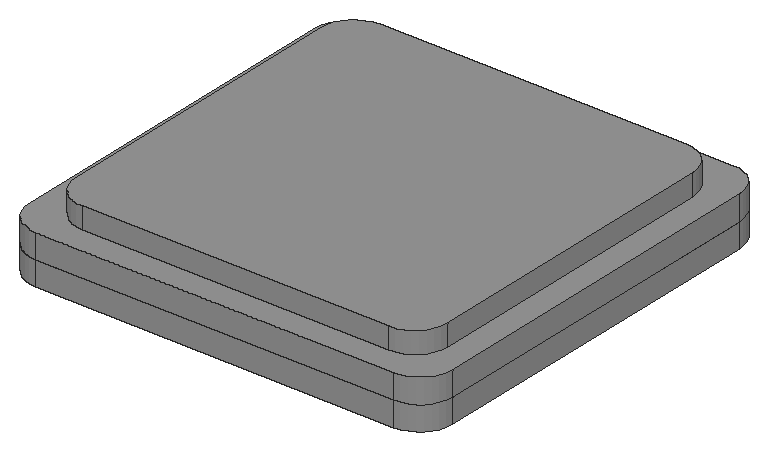
Revit family "FMS2_63_UN_Surface-mounted_ETK", category Lighting Fixtures, Revit 2019 (continued)
Definition of nested family "FMS.2 - Lightsource"
  Types (14, lengths in mm): name | Wattage Comments | Wattage | built-in parameter 1150134 | Photometric Web File | built-in parameter 1150142 | built-in parameter 1150105 | Lumens | built-in parameter 1150107 | built-in parameter 1150106 | Apparent Load
      129.7726\t125.602\t121.459\r\n117.3712\t113.3249\t109.3062\t105.3151\t101.3102\t97.3329\t93.397\t89.5026\t85.7049\t81.9624\r\n78.2613\t74.574\t70.9143\t67.2823\t63.6779\t60.1011\t56.552\t53.0304\t49.5365\t46.0702\r\n38.4056\t26.0319\t13.6332\t1.214\t0\t0\t0\t0\t0\t0\r\n0\r\n502.9602\t502.684\t502.2697\t502.1316\t501.9935\t501.7173\t501.5792\t501.4411\t501.0268\t500.7506\r\n500.3363\t500.0601\t499.5077\t499.0934\t498.541\t497.9886\t497.4362\t496.8838\t496.1933\t495.5028\r\n494.6742\t493.8456\t493.017\t492.1884\t491.3598\t490.3931\t489.4264\t488.3216\t487.2168\t486.112\r\n485.0072\t483.9024\t482.6595\t481.2785\t480.0356\t478.6546\t477.2736\t475.7545\t474.3735\t472.8544\r\n471.4734\t469.8162\t468.2971\t466.5018\t464.8446\t463.1874\t461.5302\t459.7349\t457.9396\t456.0062\r\n454.2109\t452.2775\t450.3441\t448.2726\t446.3392\t444.2677\t442.1962\t440.1247\t438.0532\t435.9817\r\n433.9102\t431.7006\t429.3529\t427.1433\t425.0718\t422.586\t419.6859\t416.6477\t413.6095\t410.5713\r\n407.5331\t404.4949\t401.3186\t398.2804\t395.1041\t392.0659\t388.8896\t385.7133\t382.537\t379.2226\r\n376.0463\t372.87\t369.5556\t366.3793\t363.0649\t359.7505\t356.5742\t353.2598\t350.0835\t346.7691\r\n343.3166\t340.0022\t336.8259\t333.3734\t330.059\t326.7446\t323.4302\t319.9777\t316.6633\t313.2108\r\n309.8964\t306.582\t303.1295\t299.8151\t296.5007\t293.1863\t289.7338\t286.2813\t282.6907\t278.8239\r\n274.819\t270.9522\t266.9473\t263.0805\t259.0756\t254.9326\t251.0658\t247.199\t243.3322\t239.3273\r\n235.4605\t231.5937\t227.5888\t223.722\t219.8552\t215.9884\t212.1216\t208.2548\t204.5261\t200.7974\r\n196.9306\t193.2019\t189.3351\t185.6064\t181.8777\t177.5966\t173.3155\t169.0344\t164.8914\t160.6103\r\n156.3292\t152.1862\t148.0432\t143.9002\t139.7572\t135.7247\t131.6645\t127.5906\t123.5581\t119.5532\r\n115.5621\t111.6124\t107.6766\t103.7822\t99.9015\t96.0762\t92.2646\t88.4807\t84.7105\t80.9818\r\n77.2808\t73.5935\t69.9476\t66.3156\t62.6974\t59.1206\t55.5438\t51.9947\t40.9052\t29.1529\r\n17.4006\t5.6179\t0\t0\t0\t0\t0\t0\t0\t0\r\n0\r\n502.9602\t502.5459\t502.1316\t501.9935\t501.7173\t501.5792\t501.303\t501.0268\t500.7506\t500.3363\r\n499.922\t499.5077\t499.0934\t498.541\t498.1267\t497.5743\t496.8838\t496.3314\t495.6409\t494.9504\r\n494.2599\t493.4313\t492.6027\t491.7741\t490.8074\t489.9788\t489.0121\t488.0454\t487.0787\t485.8358\r\n484.731\t483.6262\t482.5214\t481.2785\t480.0356\t478.7927\t477.4117\t476.0307\t474.6497\t473.2687\r\n471.7496\t470.3686\t468.8495\t467.3304\t465.8113\t464.1541\t462.4969\t460.8397\t459.1825\t457.5253\r\n455.73\t453.9347\t452.1394\t450.3441\t448.4107\t446.4773\t444.5439\t442.0581\t439.2961\t436.5341\r\n433.7721\t431.0101\t428.2481\t425.348\t422.4479\t419.5478\t416.7858\t413.8857\t410.9856\t408.0855\r\n405.0473\t402.0091\t398.9709\t396.0708\t393.0326\t389.9944\t386.9562\t383.918\t380.8798\t377.8416\r\n374.8034\t371.6271\t368.4508\t365.4126\t362.2363\t359.06\t355.8837\t352.7074\t349.6692\t346.4929\r\n343.3166\t340.1403\t336.964\t333.7877\t330.6114\t327.5732\t324.3969\t321.2206\t317.9062\t314.1775\r\n310.4488\t306.582\t302.7152\t298.8484\t295.1197\t291.2529\t287.3861\t283.5193\t279.7906\t276.0619\r\n272.1951\t268.4664\t264.5996\t260.8709\t257.0041\t253.2754\t249.4086\t245.818\t242.0893\t238.3606\r\n234.6319\t230.9032\t227.1745\t223.4458\t219.7171\t215.9884\t212.3978\t208.6691\t204.388\t200.1069\r\n195.8258\t191.6828\t187.4017\t183.2587\t179.1157\t174.9727\t170.8297\t166.6867\t162.5437\t158.4007\r\n154.3958\t150.3909\t146.386\t142.243\t138.2381\t134.2332\t130.2421\t126.2925\t122.3842\t118.476\r\n114.5678\t110.6872\t106.8065\t102.9397\t99.1006\t95.289\t91.4912\t87.7211\t83.9648\t80.2223\r\n76.5074\t72.8063\t69.1191\t65.4456\t61.7859\t56.11\t44.7168\t33.3373\t21.9303\t10.5329\r\n0\t0\t0\t0\t0\t0\t0\t0\t0\t0\r\n0\r\n502.9602\t502.5459\t502.1316\t501.7173\t501.5792\t501.303\t501.0268\t500.7506\t500.3363\t500.0601\r\n499.6458\t499.0934\t498.6791\t498.1267\t497.5743\t497.0219\t496.4695\t495.9171\t495.2266\t494.5361\r\n493.8456\t493.017\t492.3265\t491.3598\t490.5312\t489.7026\t488.7359\t487.9073\t486.8025\t485.8358\r\n484.731\t483.6262\t482.5214\t481.4166\t480.3118\t479.0689\t477.826\t476.5831\t475.2021\t473.9592\r\n472.5782\t471.1972\t469.6781\t468.2971\t466.9161\t465.5351\t464.016\t462.4969\t460.8397\t459.1825\r\n457.5253\t455.1776\t452.6918\t450.0679\t447.444\t444.8201\t442.1962\t439.5723\t436.9484\t434.1864\r\n431.4244\t428.6624\t425.9004\t423.1384\t420.5145\t417.7525\t414.8524\t412.0904\t409.1903\t406.4283\r\n403.5282\t400.6281\t397.8661\t394.966\t392.0659\t389.1658\t386.1276\t383.2275\t380.3274\t377.2892\r\n374.3891\t371.489\t368.4508\t365.5507\t362.5125\t359.6124\t356.5742\t353.6741\t350.6359\t347.5977\r\n344.5595\t340.9689\t337.2402\t333.6496\t329.9209\t326.1922\t322.6016\t318.8729\t315.1442\t311.5536\r\n307.8249\t304.0962\t300.5056\t296.7769\t293.0482\t289.3195\t285.7289\t282.0002\t278.4096\t274.6809\r\n271.0903\t267.3616\t263.771\t260.0423\t256.4517\t252.8611\t249.2705\t245.6799\t242.0893\t238.4987\r\n234.9081\t230.9032\t226.7602\t222.4791\t218.3361\t214.1931\t210.0501\t205.9071\t201.7641\t197.7592\r\n193.6162\t189.4732\t185.4683\t181.4634\t177.3204\t173.3155\t169.3106\t165.1676\t161.1627\t157.1578\r\n153.291\t149.2861\t145.4193\t141.4144\t137.4785\t133.4875\t129.524\t125.5743\t121.6523\t117.7302\r\n113.8358\t109.9552\t106.0884\t102.2354\t98.4101\t94.5847\t90.7869\t87.003\t83.2329\t79.4766\r\n75.734\t72.0053\t68.2766\t61.0126\t49.8265\t38.6266\t27.4405\t16.2406\t5.0407\t0\r\n0\t0\t0\t0\t0\t0\t0\t0\t0\t0\r\n0\r\n502.9602\t502.5459\t501.9935\t501.5792\t501.303\t501.0268\t500.7506\t500.4744\t500.0601\t499.6458\r\n499.2315\t498.8172\t498.2648\t497.8505\t497.16\t496.6076\t496.0552\t495.5028\t494.8123\t494.1218\r\n493.5694\t492.8789\t492.0503\t491.2217\t490.3931\t489.5645\t488.5978\t487.7692\t486.8025\t485.8358\r\n484.8691\t483.9024\t482.7976\t481.6928\t480.588\t479.4832\t478.3784\t477.2736\t476.0307\t474.9259\r\n473.683\t472.302\t470.921\t469.6781\t468.2971\t466.9161\t464.8446\t462.4969\t460.1492\t457.6634\r\n455.3157\t452.8299\t450.3441\t447.7202\t445.2344\t442.7486\t440.2628\t437.6389\t435.015\t432.5292\r\n429.9053\t427.2814\t424.5194\t421.7574\t419.1335\t416.3715\t413.7476\t410.9856\t408.3617\t405.5997\r\n402.8377\t400.0757\t397.3137\t394.5517\t391.7897\t389.0277\t386.2657\t383.5037\t380.6036\t377.8416\r\n374.9415\t372.1795\t369.2794\t366.5174\t363.6173\t360.0267\t356.4361\t352.8455\t349.2549\t345.6643\r\n342.0737\t338.4831\t334.8925\t331.3019\t327.7113\t324.1207\t320.5301\t316.9395\t313.3489\t309.7583\r\n306.1677\t302.5771\t299.1246\t295.534\t291.9434\t288.3528\t284.9003\t281.3097\t277.8572\t274.2666\r\n270.8141\t267.3616\t263.771\t260.3185\t256.7279\t252.9992\t248.8562\t244.8513\t240.7083\t236.7034\r\n232.5604\t228.5555\t224.4125\t220.4076\t216.2646\t212.2597\t208.2548\t204.2499\t200.245\t196.2401\r\n192.2352\t188.2303\t184.2254\t180.2205\t176.3537\t172.3488\t168.3439\t164.4771\t160.6103\t156.6054\r\n152.7386\t148.7337\t144.7288\t140.7239\t136.6914\t132.7279\t128.7921\t124.87\t120.9618\t117.0674\r\n113.1868\t109.3062\t105.4532\t101.6002\t97.761\t93.9356\t90.1241\t86.3263\t82.5286\t78.7446\r\n74.9607\t67.2133\t56.1238\t45.0482\t33.9726\t22.897\t11.8214\t0.7455\t0\t0\r\n0\t0\t0\t0\t0\t0\t0\t0\t0\t0\r\n0\r\n502.9602\t502.4078\t501.9935\t501.4411\t501.1649\t500.8887\t500.4744\t500.0601\t499.7839\t499.3696\r\n498.8172\t498.4029\t497.8505\t497.4362\t496.8838\t496.3314\t495.6409\t495.0885\t494.398\t493.8456\r\n493.1551\t492.4646\t491.7741\t491.0836\t490.255\t489.4264\t488.5978\t487.7692\t486.9406\t485.9739\r\n485.0072\t484.0405\t483.0738\t482.1071\t481.1404\t480.1737\t479.0689\t477.9641\t476.8593\t475.7545\r\n474.7878\t473.5449\t471.8877\t469.6781\t467.3304\t464.9827\t462.635\t460.2873\t457.9396\t455.5919\r\n453.2442\t450.8965\t448.5488\t446.063\t443.7153\t441.2295\t438.7437\t436.1198\t433.634\t431.1482\r\n428.6624\t426.1766\t423.5527\t421.0669\t418.443\t415.9572\t413.3333\t410.7094\t408.0855\t405.3235\r\n402.6996\t400.0757\t397.4518\t394.8279\t392.204\t389.442\t386.8181\t384.1942\t381.4322\t378.394\r\n374.9415\t371.489\t368.0365\t364.584\t361.1315\t357.5409\t354.0884\t350.6359\t347.0453\t343.5928\r\n340.1403\t336.6878\t333.2353\t329.6447\t326.1922\t322.7397\t319.2872\t315.8347\t312.3822\t308.7916\r\n305.3391\t301.8866\t298.4341\t294.9816\t291.5291\t288.0766\t284.6241\t281.1716\t277.7191\t274.4047\r\n270.676\t266.6711\t262.6662\t258.6613\t254.6564\t250.6515\t246.6466\t242.6417\t238.6368\t234.6319\r\n230.7651\t226.7602\t222.7553\t218.8885\t214.8836\t211.0168\t207.0119\t203.007\t199.1402\t195.1353\r\n191.2685\t187.4017\t183.5349\t179.53\t175.6632\t171.7964\t167.7915\t163.7866\t159.9198\t155.9149\r\n151.91\t147.9051\t144.0383\t140.0334\t136.0699\t132.1341\t128.1982\t124.2762\t120.368\t116.4735\r\n112.5791\t108.6985\t104.8317\t100.9649\t97.1119\t93.2727\t89.4336\t85.6082\t81.7966\t74.6845\r\n63.6779\t52.6713\t41.6648\t30.6582\t19.6516\t8.6492\t0\t0\t0\t0\r\n0\t0\t0\t0\t0\t0\t0\t0\t0\t0\r\n0\r\n502.9602\t502.4078\t501.8554\t501.4411\t501.0268\t500.6125\t500.1982\t499.7839\t499.3696\t498.9553\r\n498.541\t498.1267\t497.5743\t497.0219\t496.4695\t495.9171\t495.3647\t494.8123\t494.1218\t493.5694\r\n492.8789\t492.1884\t491.4979\t490.8074\t490.1169\t489.4264\t488.5978\t487.9073\t487.0787\t486.2501\r\n485.2834\t484.4548\t483.6262\t482.6595\t481.6928\t480.7261\t479.7594\t478.7927\t477.826\t476.3069\r\n474.0973\t472.0258\t469.8162\t467.6066\t465.397\t463.1874\t460.8397\t458.6301\t456.4205\t454.0728\r\n451.7251\t449.3774\t447.0297\t444.682\t442.3343\t439.9866\t437.6389\t435.1531\t432.8054\t430.3196\r\n427.9719\t425.4861\t423.0003\t420.5145\t418.0287\t415.5429\t413.0571\t410.5713\t408.0855\t405.5997\r\n403.1139\t400.6281\t398.1423\t395.5184\t393.0326\t389.5801\t386.2657\t382.8132\t379.4988\t376.0463\r\n372.7319\t369.2794\t365.965\t362.5125\t359.1981\t355.7456\t352.4312\t348.9787\t345.6643\t342.2118\r\n338.8974\t335.4449\t331.9924\t328.678\t325.2255\t321.9111\t318.4586\t315.1442\t311.8298\t308.3773\r\n305.0629\t301.6104\t298.296\t294.9816\t291.5291\t288.2147\t284.3479\t280.4811\t276.4762\t272.4713\r\n268.6045\t264.7377\t260.7328\t256.7279\t252.8611\t248.8562\t244.9894\t241.1226\t237.2558\t233.2509\r\n229.3841\t225.5173\t221.6505\t217.7837\t213.9169\t210.0501\t206.1833\t202.3165\t198.4497\t194.5829\r\n190.7161\t186.9874\t183.1206\t179.1157\t175.1108\t171.1059\t167.2391\t163.2342\t159.2293\t155.2244\r\n151.3576\t147.3527\t143.3478\t139.481\t135.4899\t131.5541\t127.632\t123.71\t119.8017\t115.9073\r\n112.0129\t108.1185\t104.2379\t100.3711\t96.5043\t92.6375\t88.7845\t83.5091\t72.5439\t61.565\r\n50.5998\t39.6347\t28.6696\t17.7044\t6.7407\t0\t0\t0\t0\t0\r\n0\t0\t0\t0\t0\t0\t0\t0\t0\t0\r\n0\r\n502.9602\t502.4078\t501.8554\t501.303\t500.8887\t500.3363\t499.922\t499.5077\t499.0934\t498.6791\r\n498.2648\t497.7124\t497.16\t496.7457\t496.1933\t495.6409\t495.0885\t494.5361\t493.8456\t493.2932\r\n492.6027\t492.0503\t491.3598\t490.6693\t489.9788\t489.2883\t488.5978\t487.9073\t487.2168\t486.3882\r\n485.6977\t484.8691\t484.0405\t483.2119\t482.3833\t481.5547\t480.588\t478.6546\t476.5831\t474.5116\r\n472.302\t470.2305\t468.0209\t465.9494\t463.7398\t461.5302\t459.3206\t457.111\t454.9014\t452.6918\r\n450.4822\t448.1345\t445.9249\t443.5772\t441.3676\t439.0199\t436.6722\t434.3245\t432.1149\t429.7672\r\n427.4195\t425.0718\t422.7241\t420.3764\t418.0287\t415.681\t413.3333\t410.8475\t408.4998\t406.014\r\n403.6663\t400.6281\t397.3137\t394.1374\t390.823\t387.5086\t384.1942\t380.8798\t377.5654\t374.251\r\n370.9366\t367.7603\t364.4459\t361.1315\t357.8171\t354.5027\t351.1883\t347.7358\t344.4214\t341.107\r\n337.7926\t334.6163\t331.3019\t327.9875\t324.6731\t321.3587\t318.0443\t314.7299\t311.5536\t308.2392\r\n304.9248\t301.6104\t298.0198\t294.153\t290.2862\t286.2813\t282.4145\t278.5477\t274.6809\t270.676\r\n266.8092\t262.9424\t259.0756\t255.3469\t251.4801\t247.6133\t243.7465\t239.8797\t236.0129\t232.1461\r\n228.4174\t224.5506\t220.6838\t216.9551\t213.0883\t209.3596\t205.4928\t201.7641\t197.8973\t194.1686\r\n190.3018\t186.2969\t182.292\t178.4252\t174.4203\t170.5535\t166.5486\t162.6818\t158.6769\t154.8101\r\n150.9433\t146.9384\t143.0716\t139.2048\t135.2828\t131.4022\t127.5215\t123.6409\t119.7603\t115.8935\r\n112.0267\t108.1599\t104.2931\t100.4401\t96.5871\t92.7065\t83.3848\t72.3368\t61.2888\t50.2546\r\n39.2342\t28.2138\t17.1934\t6.1883\t0\t0\t0\t0\t0\t0\r\n0\t0\t0\t0\t0\t0\t0\t0\t0\t0\r\n0\r\n502.9602\t502.4078\t501.8554\t501.303\t500.6125\t500.1982\t499.7839\t499.2315\t498.8172\t498.4029\r\n497.8505\t497.4362\t496.8838\t496.3314\t495.779\t495.3647\t494.8123\t494.1218\t493.5694\t493.017\r\n492.4646\t491.7741\t491.0836\t490.5312\t489.8407\t489.1502\t488.5978\t487.9073\t487.2168\t486.5263\r\n485.8358\t485.1453\t484.4548\t483.6262\t482.9357\t481.2785\t479.3451\t477.2736\t475.064\t472.9925\r\n470.921\t468.7114\t466.6399\t464.4303\t462.3588\t460.1492\t458.0777\t455.8681\t453.6585\t451.587\r\n449.3774\t447.1678\t444.9582\t442.7486\t440.539\t438.3294\t436.1198\t433.7721\t431.5625\t429.3529\r\n427.0052\t424.7956\t422.4479\t420.2383\t417.8906\t415.681\t413.3333\t411.1237\t408.2236\t405.0473\r\n401.871\t398.5566\t395.3803\t392.204\t388.8896\t385.7133\t382.537\t379.3607\t376.0463\t372.7319\r\n369.5556\t366.2412\t363.0649\t359.7505\t356.5742\t353.3979\t350.0835\t346.9072\t343.5928\t340.4165\r\n337.1021\t333.9258\t330.7495\t327.4351\t324.2588\t321.0825\t317.7681\t314.5918\t311.4155\t307.6868\r\n303.82\t299.9532\t296.0864\t292.3577\t288.4909\t284.6241\t280.7573\t277.0286\t273.1618\t269.295\r\n265.5663\t261.6995\t257.9708\t254.104\t250.3753\t246.5085\t242.7798\t238.913\t235.1843\t231.3175\r\n227.5888\t223.8601\t219.9933\t216.2646\t212.5359\t208.6691\t204.9404\t201.2117\t197.2068\t193.34\r\n189.3351\t185.4683\t181.6015\t177.5966\t173.7298\t169.7249\t165.8581\t161.9913\t158.1245\t154.1196\r\n150.2528\t146.386\t142.5192\t138.6524\t134.7304\t130.8498\t126.983\t123.1023\t119.2355\t115.3687\r\n111.5157\t107.6489\t103.796\t99.943\t95.1647\t84.1305\t73.1101\t62.0898\t51.0694\t40.049\r\n29.0424\t18.0221\t7.0031\t0\t0\t0\t0\t0\t0\t0\r\n0\t0\t0\t0\t0\t0\t0\t0\t0\t0\r\n0\r\n502.9602\t502.4078\t501.7173\t501.1649\t500.6125\t500.0601\t499.5077\t499.0934\t498.541\t498.1267\r\n497.5743\t497.0219\t496.6076\t496.0552\t495.5028\t494.9504\t494.398\t493.8456\t493.2932\t492.7408\r\n492.1884\t491.4979\t490.9455\t490.3931\t489.7026\t489.0121\t488.4597\t487.7692\t487.2168\t486.5263\r\n485.8358\t485.1453\t484.4548\t483.7643\t481.8309\t479.7594\t477.6879\t475.7545\t473.683\t471.6115\r\n469.54\t467.4685\t465.397\t463.3255\t461.254\t459.1825\t456.9729\t454.9014\t452.6918\t450.6203\r\n448.4107\t446.3392\t444.1296\t442.0581\t439.8485\t437.777\t435.5674\t433.3578\t431.1482\t429.0767\r\n426.8671\t424.6575\t422.4479\t420.2383\t418.0287\t415.8191\t412.6428\t409.4665\t406.2902\t403.252\r\n400.0757\t396.8994\t393.7231\t390.4087\t387.2324\t384.0561\t380.8798\t377.7035\t374.5272\t371.3509\r\n368.3127\t365.1364\t361.9601\t358.7838\t355.4694\t352.2931\t349.1168\t345.9405\t342.7642\t339.5879\r\n336.4116\t333.2353\t330.059\t327.0208\t323.8445\t320.6682\t317.2157\t313.487\t309.6202\t305.8915\r\n302.1628\t298.296\t294.5673\t290.8386\t286.9718\t283.2431\t279.5144\t275.6476\t271.9189\t268.1902\r\n264.4615\t260.5947\t256.866\t253.1373\t249.4086\t245.6799\t241.9512\t238.0844\t234.3557\t230.627\r\n226.8983\t223.1696\t219.4409\t215.7122\t211.9835\t208.1167\t204.2499\t200.3831\t196.3782\t192.5114\r\n188.6446\t184.6397\t180.7729\t176.9061\t173.0393\t169.1725\t165.1676\t161.3008\t157.434\t153.5672\r\n149.7004\t145.8336\t141.9668\t138.0862\t134.2194\t130.3526\t126.4858\t122.6328\t118.766\t114.8992\r\n111.0462\t107.1932\t103.3264\t97.3329\t86.3263\t75.3059\t64.2994\t53.2928\t42.2862\t31.2796\r\n20.2731\t9.2596\t0\t0\t0\t0\t0\t0\t0\t0\r\n0\t0\t0\t0\t0\t0\t0\t0\t0\t0\r\n0\r\n502.9602\t502.4078\t501.7173\t501.1649\t500.4744\t499.922\t499.3696\t498.8172\t498.2648\t497.8505\r\n497.2981\t496.7457\t496.1933\t495.6409\t495.0885\t494.6742\t494.1218\t493.5694\t493.017\t492.4646\r\n491.9122\t491.2217\t490.6693\t490.1169\t489.5645\t488.874\t488.3216\t487.6311\t487.0787\t486.5263\r\n485.8358\t485.1453\t484.3167\t482.3833\t480.3118\t478.3784\t476.3069\t474.3735\t472.302\t470.2305\r\n468.159\t466.2256\t464.1541\t462.0826\t460.0111\t457.9396\t455.8681\t453.7966\t451.7251\t449.6536\r\n447.5821\t445.5106\t443.4391\t441.3676\t439.2961\t437.2246\t435.015\t432.9435\t430.7339\t428.6624\r\n426.4528\t424.2432\t422.1717\t420.1002\t417.062\t414.0238\t410.9856\t407.8093\t404.7711\t401.5948\r\n398.4185\t395.3803\t392.204\t389.0277\t385.9895\t382.8132\t379.6369\t376.5987\t373.4224\t370.2461\r\n367.2079\t364.0316\t360.8553\t357.8171\t354.6408\t351.6026\t348.4263\t345.3881\t342.2118\t339.1736\r\n336.1354\t332.9591\t329.7828\t326.6065\t323.154\t319.2872\t315.5585\t311.8298\t308.1011\t304.3724\r\n300.6437\t296.915\t293.1863\t289.4576\t285.7289\t282.0002\t278.2715\t274.5428\t270.8141\t267.0854\r\n263.3567\t259.628\t255.8993\t252.1706\t248.4419\t244.7132\t240.9845\t237.3939\t233.6652\t229.9365\r\n226.2078\t222.4791\t218.7504\t215.0217\t211.1549\t207.2881\t203.4213\t199.5545\t195.6877\t191.8209\r\n187.9541\t184.0873\t180.2205\t176.3537\t172.4869\t168.6201\t164.7533\t160.8865\t156.8816\t153.0148\r\n149.148\t145.2812\t141.4144\t137.6167\t133.7498\t129.883\t126.0301\t122.1633\t118.3103\t114.4435\r\n110.5905\t106.7375\t100.9925\t89.9998\t78.9932\t68.0004\t57.0077\t46.0149\t35.0084\t24.0156\r\n13.0201\t2.0232\t0\t0\t0\t0\t0\t0\t0\t0\r\n0\t0\t0\t0\t0\t0\t0\t0\t0\t0\r\n0\r\n502.9602\t502.4078\t501.7173\t501.1649\t500.4744\t499.922\t499.2315\t498.6791\t498.1267\t497.5743\r\n497.0219\t496.4695\t495.9171\t495.3647\t494.8123\t494.2599\t493.7075\t493.1551\t492.6027\t492.0503\r\n491.4979\t490.9455\t490.3931\t489.8407\t489.2883\t488.5978\t488.0454\t487.493\t486.9406\t486.2501\r\n485.6977\t485.1453\t483.0738\t481.1404\t479.0689\t477.1355\t475.064\t473.1306\t471.0591\t469.1257\r\n467.0542\t464.9827\t463.0493\t460.9778\t458.9063\t456.9729\t454.9014\t452.8299\t450.8965\t448.825\r\n446.7535\t444.682\t442.6105\t440.539\t438.4675\t436.396\t434.3245\t432.253\t430.1815\t428.11\r\n426.0385\t423.967\t421.6193\t418.5811\t415.5429\t412.3666\t409.3284\t406.2902\t403.1139\t40
